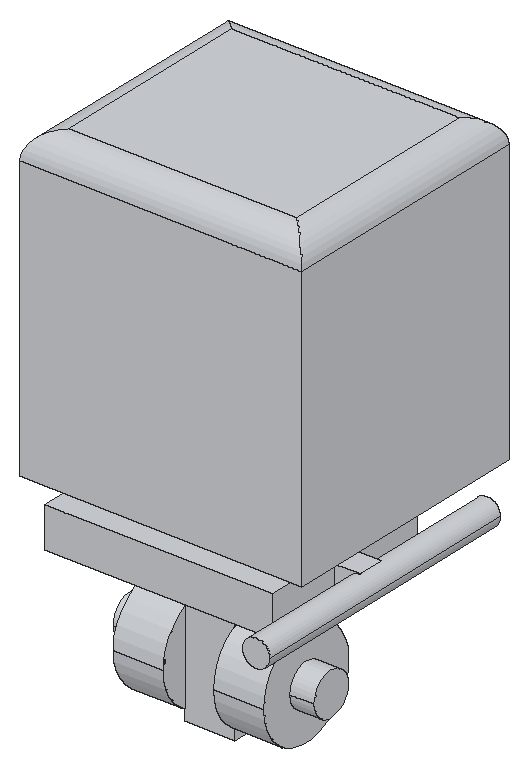
Revit family "M_Válvula de controle do motor - 15-50 mm", category Acessórios do tubo, Revit 2019
Family settings
  Cota do conector redondo = Usar raio
  Tipo de parte = Válvula - Quebra entre
  Número OmniClass = 23.65.55.14.17
  Título OmniClass = Adjusting/Controlling Valves for Liquid Services
  ID de item do Seek = Motor Control Valve - 15-50 mm-0000-CAN-ENU
  Com base no plano de trabalho = Não
  Sempre na vertical = Sim
  Corte com vazios quando carregada = Não
  Compartilhado = Não
Parameters (values of type "15 mm")
  Material da válvula = none
  Comprimento da válvula = 95 mm
  Altura da válvula = 231 mm
  Largura do texto = 25.4 mm
  Altura do texto = 25.4 mm
  Raio externo = Diâmetro externo * 0.5  # 10 mm
  Diâmetro externo = 20 mm
  Raio nominal = 7.5 mm
  Diâmetro nominal = Raio nominal * 2  # 15 mm
  Comprimento 1 = 0.25 * Comprimento da válvula  # 23.75 mm
  K Coefficient = 0.33
  Altura 3 = Altura 1 / 3  # 21.167 mm
  Altura 2 = 0.3 * Altura 1  # 19.05 mm
  Altura 1 = 63.5 mm
  Raio do cimento = Diâmetro do cimento * 0.5  # 25 mm
  Diâmetro do cimento = 50 mm
  Largura do corpo = 25 mm
  Altura do eixo = 27 mm
  Material do atuador = none
Types (7, lengths in mm): name | Comprimento da válvula | Altura da válvula | Raio externo | Diâmetro externo | Raio nominal | Diâmetro nominal | Comprimento 1 | K Coefficient | Altura 3 | Altura 2 | Altura 1 | Raio do cimento | Diâmetro do cimento | Largura do corpo | Altura do eixo
  (no name) | 95 | 231 | 10 | 20 | 7.5 | 15 | 23.75 | 0.33 | 21.167 | 19.05 | 63.5 | 25 | 50 | 25 | 27
  15 mm | 95 | 231 | 10 | 20 | 7.5 | 15 | 23.75 | 0.33 | 21.167 | 19.05 | 63.5 | 25 | 50 | 25 | 27
  20 mm | 110 | 240 | 12.5 | 25 | 10 | 20 | 27.5 | 0.47 | 24.167 | 21.75 | 72.5 | 29 | 58 | 25 | 30
  25 mm | 123 | 240 | 16 | 32 | 12.5 | 25 | 30.75 | 0.37 | 24.167 | 21.75 | 72.5 | 34 | 68 | 25 | 36
  32 mm | 146 | 251 | 20 | 40 | 16 | 32 | 36.5 | 0.44 | 27.833 | 25.05 | 83.5 | 42 | 84 | 45 | 44
  40 mm | 157 | 251 | 25 | 50 | 20 | 40 | 39.25 | 0.36 | 27.833 | 25.05 | 83.5 | 48.5 | 97 | 45 | 51
  50 mm | 183 | 273 | 31.5 | 63 | 25 | 50 | 45.75 | 0.3 | 35.5 | 31.95 | 106.5 | 62 | 124 | 45 | 64
Reference planes
  plane 1 "Centro (Frente/Trás)": y = 0
  plane 2: z = 0
  plane 3 "Centro (Esquerda/Direita)": x = 0
  plane 4: x = -11.875
  plane 5: x = 11.875
  plane 6: x = -35.625
  plane 7: x = 35.625
  plane 8: x = -47.5
  plane 9: x = 47.5
  plane 10: z = -27
  plane 11: z = 63.5
  plane 12: y = 12.5
  plane 13: y = -12.5
  plane 14: z = 44.45
  plane 15: x = -53.975
  plane 16: x = 53.975
  plane 17: y = -42.863
  plane 18: y = 42.862
  plane 19: z = 84.667
  plane 20: z = 231
  plane 21: x = -50.8
  plane 22: x = 82.55
  plane 23: y = 61.119
  plane 24: y = -61.119
  plane 25: x = 66.675
  plane 26: z = 53.975
  plane 27: y = 68.262
  plane 28: y = -68.263
Forms (mm)
  Sweep 1, solid, material <- "Material da válvula", detail levels fine
    path origin (0, 0, 0) x (1, 0, 0) y (0, 1, 0)
      loop
        line (-47.5, 0) -> (-35.625, 0)
    profile origin (-41.562, 0, 0) x (0, 1, 0) y (0, 0, 1)
      loop
        circle (0, 0) r 10
  Sweep 2, solid, material <- "Material da válvula", detail levels fine
    path origin (0, 0, 0) x (1, 0, 0) y (0, 1, 0)
      loop
        line (-35.625, 0) -> (-11.875, 0)
    profile origin (-23.75, 0, 0) x (0, 1, 0) y (0, 0, 1)
      loop
        circle (0, 0) r 25
  Sweep 3, solid, material <- "Material da válvula", detail levels fine
    path origin (0, 0, 0) x (1, 0, 0) y (0, 1, 0)
      loop
        line (-11.875, 0) -> (11.875, 0)
    profile origin (0, 0, 0) x (0, 1, 0) y (0, 0, 1)
      loop
        circle (0, 0) r 10
  Sweep 4, solid, material <- "Material da válvula", detail levels fine
    path origin (0, 0, 0) x (1, 0, 0) y (0, 1, 0)
      loop
        line (11.875, 0) -> (35.625, 0)
    profile origin (23.75, 0, 0) x (0, 1, 0) y (0, 0, 1)
      loop
        circle (0, 0) r 25
  Sweep 5, solid, material <- "Material da válvula", detail levels fine
    path origin (0, 0, 0) x (1, 0, 0) y (0, 1, 0)
      loop
        line (35.625, 0) -> (47.5, 0)
    profile origin (41.563, 0, 0) x (0, 1, 0) y (0, 0, 1)
      loop
        circle (0, 0) r 10
  Extrusion 6, solid, material <- "Material da válvula", detail levels fine
    sketch origin (0, 0, 0) x (1, 0, 0) y (0, 1, 0)
      loop
        line (-11.875, 12.5) -> (-11.875, -12.5) -> (11.875, -12.5) -> (11.875, 12.5) -> (-11.875, 12.5)
    from -27 to 63.5
  Extrusion 7, solid, material <- "Material da válvula", detail levels fine
    sketch origin (0, 0, 0) x (1, 0, 0) y (0, 0, 1)
      loop
        line (-53.975, 63.5) -> (-53.975, 44.45) -> (53.975, 44.45) -> (53.975, 63.5) -> (-53.975, 63.5)
    from -42.862 to 42.862
  Sweep 8, solid, material <- "Material do atuador", detail levels fine
    path origin (0, 0, 0) x (1, 0, 0) y (0, 1, 0)
      loop
        line (-50.8, 61.119) -> (-50.8, -61.119) -> (82.55, -61.119) -> (82.55, 61.119) -> (-50.8, 61.119)
    profile origin (15.875, 61.119, 0) x (0, 1, 0) y (0, 0, 1)
      loop
        line (-38.596, 84.667) -> (0, 84.667) -> (0, 218.3)
        arc (0, 218.3) -> (-3.72, 227.28) -> (-12.7, 231) r 12.7
        line (-12.7, 231) -> (-38.596, 231) -> (-38.596, 84.667)
  Extrusion 9, solid, material <- "Material do atuador", detail levels fine
    sketch origin (0, 0, 0) x (1, 0, 0) y (0, 1, 0)
      loop
        line (-12.204, 22.523) -> (-12.204, -22.523) -> (43.954, -22.523) -> (43.954, 22.523) -> (-12.204, 22.523)
    from 84.667 to 231
  Blend 10, solid, material <- "Material do atuador", detail levels fine
    base sketch origin (0, 0, 0) x (1, 0, 0) y (0, 1, 0)
      loop
        line (-11.875, 12.5) -> (-11.875, -12.5) -> (11.875, -12.5) -> (11.875, 12.5) -> (-11.875, 12.5)
    top sketch origin (0, 0, 0) x (1, 0, 0) y (0, 1, 0)
      loop
        line (-50.8, 61.119) -> (-50.8, -61.119) -> (82.55, -61.119) -> (82.55, 61.119) -> (-50.8, 61.119)
    from 63.5 to 84.667
  Extrusion 11, solid, material <- "Material da válvula", detail levels fine
    sketch origin (0, 0, 0) x (1, 0, 0) y (0, 1, 0)
      loop
        line (53.975, 6.35) -> (53.975, -6.35) -> (66.675, -6.35) -> (66.675, 6.35) -> (53.975, 6.35)
    from 47.625 to 60.325
  Sweep 12, solid, material <- "Material da válvula", detail levels fine
    path origin (0, 0, 0) x (1, 0, 0) y (0, 1, 0)
      loop
        line (66.675, 68.262) -> (66.675, -68.263)
    profile origin (66.675, 0, 0) x (1, 0, 0) y (0, 0, 1)
      loop
        circle (0, 53.975) r 6.35
Cuts and joins
  joined: Sweep 1, Sweep 2, Sweep 4, Sweep 5, Extrusion 6, Extrusion 7, Extrusion 11, Sweep 12
  joined: Sweep 8, Extrusion 9, Blend 10
Lines and regions (mm)
  model lines, detail levels coarse+medium
    curve 1: line (-47.5, 27.424, 0) -> (-47.5, -27.424, 0)
    curve 2: line (47.5, 27.424, 0) -> (47.5, -27.424, 0)
    curve 3: line (0, 0, 0) -> (0, 59.572, 0)
    curve 4: circle (0, 84.972, 0) r 25.4 normal (0, 0, 1)
    curve 5: line (0, 0, 0) -> (-47.5, 27.424, 0)
    curve 6: line (0, 0, 0) -> (-47.5, -27.424, 0)
    curve 7: line (0, 0, 0) -> (47.5, 27.424, 0)
    curve 8: line (0, 0, 0) -> (47.5, -27.424, 0)
Dimensions and locks
  equal spacing: plane 4, plane 3 "Centro (Esquerda/Direita)", plane 5
  equal spacing: plane 8, plane 3 "Centro (Esquerda/Direita)", plane 9
  "Comprimento 1": plane 4 to plane 5
  "Comprimento 1": plane 6 to plane 4
  "Comprimento 1": plane 5 to plane 7
  "Comprimento da válvula": plane 8 to plane 9
  "Altura do eixo": plane 2 to plane 10
  "Altura 1": plane 11 to plane 2
  equal spacing: plane 12, plane 1 "Centro (Frente/Trás)", plane 13
  "Largura do corpo": plane 12 to plane 13
  "Altura 2": plane 11 to plane 14
  equal spacing: plane 16, plane 3 "Centro (Esquerda/Direita)", plane 15
  locked: plane 16 to plane 15 at 107.95
  equal spacing: plane 17, plane 1 "Centro (Frente/Trás)", plane 18
  locked: plane 17 to plane 18 at 85.725
  "Altura 3": plane 19 to plane 11
  "Altura da válvula": plane 20 to plane 2
  locked: plane 3 "Centro (Esquerda/Direita)" to plane 21 at 50.8
  locked: plane 22 to plane 3 "Centro (Esquerda/Direita)" at 82.55
  locked: plane 23 to plane 1 "Centro (Frente/Trás)" at 61.119
  locked: plane 24 to plane 1 "Centro (Frente/Trás)" at 61.119
  locked: plane 16 to plane 25 at 12.7
  locked: plane 1 "Centro (Frente/Trás)" to Extrusion 11 sketch curve at 6.35  (x2)
  equal spacing: plane 11, plane 26, plane 14
  locked: plane 26 to Extrusion 11 at 6.35
  locked: Extrusion 11 to plane 26 at 6.35
  equal spacing: plane 27, plane 1 "Centro (Frente/Trás)", plane 28
  locked: plane 27 to plane 1 "Centro (Frente/Trás)" at 68.263
  locked: connector elem to plane 22 at 66.675
  locked: connector elem to plane 23 at 61.119
  "Raio externo": radius of Sweep 1 sketch curve
  "Raio do cimento": radius of Sweep 2 sketch curve
  "Raio externo": radius of Sweep 3 sketch curve
  "Raio do cimento": radius of Sweep 4 sketch curve
  "Raio externo": radius of Sweep 5 sketch curve
  locked: curve 5 to plane 1 "Centro (Frente/Trás)" (angle 30.00°)
  locked: plane 1 "Centro (Frente/Trás)" to curve 6 (angle 30.00°)
  angle curve 8 to plane 1 "Centro (Frente/Trás)" to curve 7 = 30.00° locked, 30.00°
  aligned and locked: plane 8 to Sweep 1 sketch curve
  aligned and locked: plane 6 to Sweep 1 sketch curve
  aligned and locked: plane 1 "Centro (Frente/Trás)" to Sweep 1 sketch curve  (x2)
  aligned and locked: level to Sweep 1 sketch curve
  aligned and locked: plane 4 to Sweep 2 sketch curve
  aligned and locked: plane 6 to Sweep 2 sketch curve
  aligned and locked: plane 1 "Centro (Frente/Trás)" to Sweep 2 sketch curve  (x2)
  aligned and locked: plane 2 to Sweep 2 sketch curve
  aligned and locked: plane 4 to Sweep 3 sketch curve
  aligned and locked: plane 5 to Sweep 3 sketch curve
  aligned and locked: plane 1 "Centro (Frente/Trás)" to Sweep 3 sketch curve  (x2)
  aligned and locked: plane 2 to Sweep 3 sketch curve
  aligned and locked: plane 5 to Sweep 4 sketch curve
  aligned and locked: plane 7 to Sweep 4 sketch curve
  aligned and locked: plane 1 "Centro (Frente/Trás)" to Sweep 4 sketch curve  (x2)
  aligned and locked: level to Sweep 4 sketch curve
  aligned and locked: plane 7 to Sweep 5 sketch curve
  aligned and locked: plane 9 to Sweep 5 sketch curve
  aligned and locked: plane 1 "Centro (Frente/Trás)" to Sweep 5 sketch curve
  aligned and locked: plane 2 to Sweep 5 sketch curve
  aligned and locked: plane 4 to Extrusion 6 sketch curve
  aligned and locked: Extrusion 6 sketch curve to plane 12
  aligned and locked: plane 13 to Extrusion 6 sketch curve
  aligned and locked: Extrusion 6 sketch curve to plane 5
  aligned and locked: Extrusion 6 to plane 10
  aligned and locked: plane 11 to Extrusion 6
  aligned and locked: plane 15 to Extrusion 7 sketch curve
  aligned and locked: Extrusion 7 sketch curve to plane 11
  aligned and locked: plane 14 to Extrusion 7 sketch curve
  aligned and locked: Extrusion 7 sketch curve to plane 16
  aligned and locked: plane 18 to Extrusion 7
  aligned and locked: Extrusion 7 to plane 17
  aligned and locked: Sweep 8 sketch curve to plane 22
  aligned and locked: Sweep 8 sketch curve to plane 23
  aligned and locked: plane 21 to Sweep 8 sketch curve
  aligned and locked: plane 24 to Sweep 8 sketch curve
  aligned and locked: plane 23 to Sweep 8 sketch curve
  aligned and locked: plane 20 to Sweep 8 sketch curve
  aligned and locked: plane 19 to Sweep 8 sketch curve
  aligned and locked: Extrusion 9 sketch curve to Sweep 8  (x3)
  aligned and locked: Sweep 8 to Extrusion 9 sketch curve
  aligned and locked: plane 20 to Extrusion 9
  aligned and locked: Extrusion 9 to plane 19
  aligned and locked: Blend 10 sketch curve to Extrusion 6  (x3)
  aligned and locked: Extrusion 6 to Blend 10 sketch curve
  aligned and locked: Blend 10 to plane 11
  aligned and locked: plane 19 to Blend 10
  aligned and locked: plane 16 to Extrusion 11 sketch curve
  aligned and locked: Extrusion 11 sketch curve to plane 25
  aligned and locked: Sweep 12 sketch curve to plane 25
  aligned and locked: plane 27 to Sweep 12 sketch curve
  aligned and locked: plane 28 to Sweep 12 sketch curve
  aligned and locked: plane 25 to Sweep 12 sketch curve
  aligned and locked: plane 26 to Sweep 12 sketch curve
  aligned and locked: curve 1 to plane 8
  aligned and locked: curve 2 to plane 9
  aligned and locked: plane 3 "Centro (Esquerda/Direita)" to curve 3
  aligned and locked: plane 1 "Centro (Frente/Trás)" to curve 3
  aligned and locked: nested 1 to curve 4  (x2)
Automatic sketch dimensions
  Sweep 5 sketch curve to plane 1 "Centro (Frente/Trás)" = 0 mm
  curve 3 to plane 23 = 1.547 mm
  profile plane to Sweep 8 sketch curve = 12.7 mm
  profile plane to Sweep 8 sketch curve = 38.596 mm
  Blend 10 sketch curve to plane 21 = 0 mm
  Blend 10 sketch curve to plane 22 = 0 mm
  Blend 10 sketch curve to plane 24 = 0 mm
  Blend 10 sketch curve to plane 23 = 0 mm
  radius of Sweep 12 sketch curve = 6.35 mm
Nested families
  nested 1: "M_M" at (0, 84.972, 0), type "M", detail levels coarse+medium
Connectors
  piping at (-47.5, 0, 0), diameter 15, driven by "Raio nominal"
    settings: on Sweep 1, index 1, connector inside diameter 15 mm, connector length 0 mm, flow factor 0, pipe flow 0.0 L/s, pressure drop 0.0 Pa, fitting loss kfactor 0, connector angle 0.00°, fixture units 0, engagement length 0 mm, angle of deflection 0.00°, flow configuration 0, flow direction 0, fitting loss method 2, system type 29, joint type 0, gender type 0, connector reference index 2, connector utility 0, adjustable connector no, is connector primary yes, connector description ""
  piping at (47.5, 0, 0), diameter 15, driven by "Raio nominal", driven by "K Coefficient"
    settings: on Sweep 5, index 2, connector inside diameter 15 mm, connector length 0 mm, flow factor 0, pipe flow 0.0 L/s, pressure drop 0.0 Pa, fitting loss kfactor 0.33, connector angle 0.00°, fixture units 0, engagement length 0 mm, angle of deflection 0.00°, flow configuration 0, flow direction 0, fitting loss method 2, system type 29, joint type 0, gender type 0, connector reference index 1, connector utility 0, adjustable connector no, is connector primary no, connector description ""
  electrical at (15.875, 0, 231)
    settings: on Extrusion 9, index 3, voltage 0 V, apparent load 0 VA, apparent load phase1 0 VA, apparent load phase2 0 VA, apparent load phase3 0 VA, power factor 1, load classification "Outros", number of poles 1, system type 13, power factor state 1, is connector primary yes, connector utility no, sub classification motor no, connector description ""
Definition of nested family "M_M"
  Parameters
    Largura do texto = 25.4 mm
    Altura do texto = 25.4 mm
    Assembly Code = ""
  Reference planes
    plane 1 "Centro (Frente/Trás)": y = 0
    plane 2: z = 0
    plane 3 "Centro (Esquerda/Direita)": x = 0
    plane 4: y = 12.7
    plane 5: y = -12.7
    plane 6: x = -12.7
    plane 7: x = 12.7
  Lines and regions (mm)
    model lines
      curve 1: line (-12.7, 12.7, 0) -> (-12.7, -12.7, 0)
      curve 2: line (-12.7, 12.7, 0) -> (0, 0, 0)
      curve 3: line (0, 0, 0) -> (12.7, 12.7, 0)
      curve 4: line (12.7, 12.7, 0) -> (12.7, -12.7, 0)
  Dimensions and locks
    equal spacing: plane 6, plane 3 "Centro (Esquerda/Direita)", plane 7
    equal spacing: plane 4, plane 1 "Centro (Frente/Trás)", plane 5
    "Largura do texto": plane 6 to plane 7
    "Altura do texto": plane 4 to plane 5
    aligned and locked: curve 1 to plane 6
    aligned and locked: curve 4 to plane 7
    aligned and locked: plane 4 to curve 2
    aligned and locked: plane 5 to curve 1
    aligned and locked: plane 5 to curve 4
    aligned and locked: plane 4 to curve 4
    aligned and locked: plane 1 "Centro (Frente/Trás)" to curve 3
  Automatic sketch dimensions
    curve 3 to plane 3 "Centro (Esquerda/Direita)" = 0 mm
